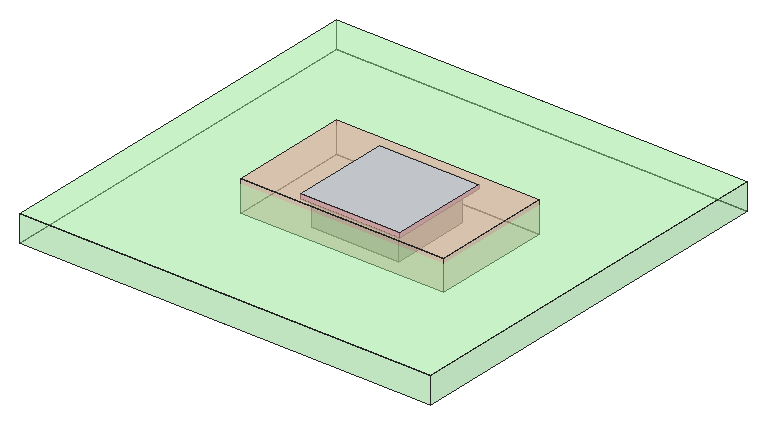
Revit family "BC_Hitachi_Cassette-RCI-FSR-1.0-6.0_LOD200", category Mechanical Equipment, host Face, Revit 2018
Family settings
  Host = Face
  Round Connector Dimension = Use Diameter
  Part Type = Normal
  OmniClass Number = 23.75.70.00
  OmniClass Title = HVAC Distribution Devices
  Cut with Voids When Loaded = No
  Shared = No
  Room Calculation Point = No
Parameters (values of type "RCI-2.0FSR")
  Usage Current = 5 A
  Uniformat code = "D3040"
  Uniformat = "Distribution Systems"
  Sound power at rated load = 55
  Service space = yes
  Refrigerant Type = "R410A / R32"
  Reference = "RCI-2.0FSR"
  Product Code = "70405303"
  Outlet Diameter = 32.00 mm
  OmniClass description = "Air Handling Units"
  OmniClass code = "23-33 25 00"
  Number of Poles = 1
  Name BIM&CO = "Indoor Unit"
  Masterformat Code = "23 73 00"
  MasterFormat = "Indoor Central-Station Air-Handling Units"
  Manufacturer Product Link = ""
  GTIN (Global Trade Item Number)  = ""
  Face Depth = 40.00 mm
  Overall width = 840.00 mm
  Overall height = 840.00 mm
  Overall depth = 248.00 mm
  Operation space [instance] = yes
  Nominal Voltage = 230 V
  Model = "Cassette 800 x 800 RCI FSR"
  Minimum Air Flow = 11000.0 L/min
  Minimum AC Voltage = 207 V
  Maximum Air Flow = 21000.0 L/min
  Maximum AC Voltage = 253 V
  Maximal Input Power = 0.09 kW
  Mass = 27.50 kg
  Face Height = 950.00 mm
  Liquid Diameter = 6.35 mm
  Facade Width = 950.00 mm
  Heating Capacity = 5.6 kW
  Gas Diameter = 12.70 mm
  Frequency = 50 Hz
  Fan motor input = 57 W
  Manufacturer = "Hitachi Air Conditioning Europe SAS"
  Default Elevation = 1219.20 mm
  Description = "Standard Cassette 800*800.Individual control setting for each louver. Suitable up to 4,2 m height under ceiling . Optional motion sensor"
  Cooling Capacity = 5 kW
  Type Comments = "RCI-2.0FSR"
  Color = "Neutral white (4.56Y8.85/0.38)"
  BC_VARIANT_ID = "508752"
  BC_OBJECT_VERSION = "#9"  # constant formula
  BC_OBJECT_ID = "209116"  # constant formula
  BC_MODEL_ID = ""  # constant formula
  Air Flow (HiH/Hi/Me/low) m3/min = "21 / 17 / 14 / 11"
  Acoustic Pressure Level Mini = 27
  Acoustic Pressure Level Maxi = 37
Types (8, lengths in mm): name | Sound power at rated load | Reference | Product Code | Overall depth | Minimum Air Flow | Maximum Air Flow | Maximal Input Power | Mass | Liquid Diameter | Heating Capacity | Gas Diameter | Fan motor input | Cooling Capacity | Type Comments | BC_VARIANT_ID | Air Flow (HiH/Hi/Me/low) m3/min | Acoustic Pressure Level Mini | Acoustic Pressure Level Maxi
  RCI-2.0FSR | 55 | "RCI-2.0FSR" | "70405303" | 248.00 | 11000.0 L/min | 21000.0 L/min | 0.09 kW | 27.50 kg | 6.35 | 5.6 kW | 12.70 | 57 W | 5 kW | "RCI-2.0FSR" | "508752" | "21 / 17 / 14 / 11" | 27 | 37
  RCI-2.5FSR | 56 | "RCI-2.5FSR" | "70405304" | 248.00 | 14000.0 L/min | 27000.0 L/min | 0.09 kW | 28.50 kg | 9.52 | 6.3 kW | 15.88 | 57 W | 5.6 kW | "RCI-2.5FSR" | "508747" | "27 / 23 / 18 / 14" | 28 | 42
  RCI-6.0FSR | 65 | "RCI-6.0FSR" | "70405309" | 298.00 | 22000.0 L/min | 37000.0 L/min | 0.21 kW | 32.50 kg | 9.52 | 16 kW | 15.88 | 127 W | 14 kW | "RCI-6.0FSR" | "508746" | "37 / 35 / 28 / 22" | 37 | 48
  RCI-5.0FSR | 64 | "RCI-5.0FSR" | "70405308" | 298.00 | 21000.0 L/min | 37000.0 L/min | 0.21 kW | 32.50 kg | 9.52 | 14 kW | 15.88 | 127 W | 12.5 kW | "RCI-5.0FSR" | "508750" | "37 / 33 / 26 / 21" | 35 | 48
  RCI-4.0FSR | 64 | "RCI-4.0FSR" | "70405307" | 298.00 | 20000.0 L/min | 37000.0 L/min | 0.21 kW | 32.50 kg | 9.52 | 11.2 kW | 15.88 | 127 W | 10 kW | "RCI-4.0FSR" | "508751" | "37 / 31 / 24 / 20" | 33 | 48
  RCI-3.0FSR | 57 | "RCI-3.0FSR" | "70405305" | 298.00 | 14000.0 L/min | 27000.0 L/min | 0.09 kW | 32.50 kg | 9.52 | 8 kW | 15.88 | 57 W | 7.1 kW | "RCI-3.0FSR" | "508748" | "27 / 23 / 18 / 14" | 28 | 42
  RCI-1.5FSR | 53 | "RCI-1.5FSR" | "70405302" | 248.00 | 11000.0 L/min | 21000.0 L/min | 0.09 kW | 27.50 kg | 6.35 | 4 kW | 12.70 | 57 W | 3.6 kW | "RCI-1.5FSR" | "508749" | "21 / 17 / 14 / 11" | 27 | 35
  RCI-1.0FSR | 52 | "RCI-1.0FSR" | "70405301" | 248.00 | 9000.0 L/min | 15000.0 L/min | 0.09 kW | 26.50 kg | 6.35 | 2.8 kW | 12.70 | 57 W | 2.5 kW | "RCI-1.0FSR" | "508745" | "15 / 13 / 11 / 9" | 27 | 33
Reference planes
  plane 1 "Centre (avant/arrière)": y = 0
  plane 2: z = 0
  plane 3 "Centre (gauche/droite)": x = 0
  plane 4 "AVANT": y = 420
  plane 5 "DROITE": x = 420
  plane 6 "GAUCHE": x = -420
  plane 7 "ARRIERE": y = -420
  plane 8: z = -248
  plane 9 "AVANT FACADE": y = 475
  plane 10 "ARRIER FACADE": y = -475
  plane 11 "GAUCHE FACADE": x = -475
  plane 12 "DROIT FACADE": x = 475
  plane 13 "Facade": z = 40
  plane 14 "Decalage": y = 336
  plane 15: x = -204.8
  plane 16: x = 280
  plane 17: x = -99.6
  plane 18 "A": x = -1975
  plane 19 "B": x = 1975
  plane 20: y = -1975
  plane 21: y = 1825
  plane 22 "L2": z = -258
  plane 23 "A Bis": x = -975
  plane 24 "B bis": x = 975
  plane 25: y = -575
  plane 26: y = 575
Forms (mm)
  Extrusion 1, solid
    sketch origin (0, 0, 0) x (1, 0, 0) y (0, 1, 0)
      loop
        line (-420, -420) -> (420, -420) -> (420, 336) -> (280, 420) -> (-99.6, 420) -> (-204.8, 336) -> (-420, 336) -> (-420, -420)
    from 0 to -248
  Extrusion 2, solid
    sketch origin (0, 0, 0) x (1, 0, 0) y (0, 1, 0)
      loop
        line (-475, 475) -> (-475, -475) -> (475, -475) -> (475, 475) -> (-475, 475)
    from 0 to 40
  Extrusion 3, solid
    sketch origin (0, 336, 0) x (-1, 0, 0) y (0, 0, 1)
      loop
        circle (380, -108) r 6.35
    from 0 to 76
  Extrusion 4, solid
    sketch origin (0, 336, 0) x (-1, 0, 0) y (0, 0, 1)
      loop
        circle (260, -91) r 3.175
    from 0 to 90
  Extrusion 5, solid
    sketch origin (0, 336, 0) x (-1, 0, 0) y (0, 0, 1)
      loop
        circle (-338, -64) r 16
    from 0 to 84
  Extrusion 6, solid, material "Operation space", visible <- "Operation space"
    sketch origin (0, 0, -258) x (-1, 0, 0) y (0, -1, 0)
      loop
        line (1975, -1825) -> (1975, 1975) -> (-1975, 1975) -> (-1975, -1825) -> (1975, -1825)
    from 0 to 258
  Extrusion 7, solid, material "Service space", visible <- "Service space"
    sketch origin (0, 0, -258) x (-1, 0, 0) y (0, -1, 0)
      loop
        line (975, -575) -> (975, 575) -> (-975, 575) -> (-975, -575) -> (975, -575)
    from 0 to 298
Lines and regions (mm)
  model lines, style "MechanicalEquipmentHiddenLines", visible <- "Operation space"
    curve 1: line (-1975, 1825, 0) -> (1975, 1825, 0)
    curve 2: line (-1975, -1975, 0) -> (-1975, 1825, 0)
    curve 3: line (1975, -1975, 0) -> (-1975, -1975, 0)
    curve 4: line (1975, 1825, 0) -> (1975, -1975, 0)
    curve 5: line (-1975, 1825, -258) -> (1975, 1825, -258)
    curve 6: line (-1975, -1975, -258) -> (-1975, 1825, -258)
    curve 7: line (1975, -1975, -258) -> (-1975, -1975, -258)
    curve 8: line (1975, 1825, -258) -> (1975, -1975, -258)
    curve 9: line (-1975, 1825, 0) -> (-1975, 1825, -258)
    curve 10: line (-1975, -1975, 0) -> (-1975, -1975, -258)
    curve 11: line (1975, 1825, 0) -> (1975, 1825, -258)
    curve 12: line (1975, -1975, 0) -> (1975, -1975, -258)
  model lines, style "MechanicalEquipmentHiddenLines", visible <- "Service space"
    curve 13: line (-975, 575, 40) -> (975, 575, 40)
    curve 14: line (-975, -575, 40) -> (-975, 575, 40)
    curve 15: line (975, -575, 40) -> (-975, -575, 40)
    curve 16: line (975, 575, 40) -> (975, -575, 40)
    curve 17: line (-975, 575, -258) -> (975, 575, -258)
    curve 18: line (-975, -575, -258) -> (-975, 575, -258)
    curve 19: line (975, -575, -258) -> (-975, -575, -258)
    curve 20: line (975, 575, -258) -> (975, -575, -258)
    curve 21: line (-975, -575, 40) -> (-975, -575, -258)
    curve 22: line (-975, 575, 40) -> (-975, 575, -258)
    curve 23: line (975, -575, 40) -> (975, -575, -258)
    curve 24: line (975, 575, 40) -> (975, 575, -258)
Dimensions and locks
  equal spacing: plane 6 "GAUCHE", plane 3 "Centre (gauche/droite)", plane 5 "DROITE"
  equal spacing: plane 7 "ARRIERE", plane 1 "Centre (avant/arrière)", plane 4 "AVANT"
  "Overall height": plane 6 "GAUCHE" to plane 5 "DROITE"
  "Overall width": plane 4 "AVANT" to plane 7 "ARRIERE"
  "Overall depth": plane 2 to plane 8
  equal spacing: plane 11 "GAUCHE FACADE", plane 3 "Centre (gauche/droite)", plane 12 "DROIT FACADE"
  equal spacing: plane 10 "ARRIER FACADE", plane 1 "Centre (avant/arrière)", plane 9 "AVANT FACADE"
  "Face Height": plane 11 "GAUCHE FACADE" to plane 12 "DROIT FACADE"
  "Facade Width": plane 10 "ARRIER FACADE" to plane 9 "AVANT FACADE"
  Extrusion 3 sketch curve to plane 8 = 140.00 mm
  plane 11 "GAUCHE FACADE" to Extrusion 3 sketch curve = 95.00 mm
  Extrusion 5 sketch curve to plane 8 = 184.00 mm
  "Face Depth": plane 13 "Facade" to plane 2
  plane 6 "GAUCHE" to Extrusion 4 sketch curve = 160.00 mm
  plane 6 "GAUCHE" to Extrusion 5 sketch curve = 758.00 mm
  Extrusion 4 sketch curve to plane 8 = 157.00 mm
  locked: plane 4 "AVANT" to plane 14 "Decalage" at 84
  equal spacing: plane 18 "A", plane 3 "Centre (gauche/droite)", plane 19 "B"
  plane 21 to plane 1 "Centre (avant/arrière)" to plane 20 = 1825.00 mm, 1975.00 mm
  plane 20 to plane 10 "ARRIER FACADE" = 1500.00 mm
  plane 12 "DROIT FACADE" to plane 19 "B" = 1500.00 mm
  locked: Extrusion 1 to plane 22 "L2" at 10
  equal spacing: plane 26, plane 1 "Centre (avant/arrière)", plane 25
  equal spacing: plane 23 "A Bis", plane 3 "Centre (gauche/droite)", plane 24 "B bis"
  plane 10 "ARRIER FACADE" to plane 25 = 100.00 mm
  plane 23 "A Bis" to plane 11 "GAUCHE FACADE" = 500.00 mm
  "Gas Diameter": diameter of Extrusion 3 sketch curve
  "Liquid Diameter": diameter of Extrusion 4 sketch curve
  "Outlet Diameter": diameter of Extrusion 5 sketch curve
  aligned and locked: plane 2 to host face
  aligned and locked: level to host face
  aligned and locked: plane 16 to Extrusion 1 sketch curve
  aligned and locked: curve 2 to plane 18 "A"
  aligned and locked: plane 20 to curve 3
  aligned and locked: curve 4 to plane 19 "B"
  aligned and locked: curve 13 to plane 26
  aligned and locked: curve 14 to plane 23 "A Bis"
  aligned and locked: plane 25 to curve 15
  aligned and locked: curve 16 to plane 24 "B bis"
  aligned and locked: Extrusion 6 sketch curve to curve 1
  aligned and locked: Extrusion 6 sketch curve to curve 2
  aligned and locked: Extrusion 6 sketch curve to curve 3
  aligned and locked: Extrusion 6 sketch curve to curve 4
  aligned and locked: Extrusion 6 to curve 3
  aligned and locked: Extrusion 7 sketch curve to curve 13
  aligned and locked: Extrusion 7 sketch curve to curve 14
  aligned and locked: Extrusion 7 sketch curve to curve 15
  aligned and locked: Extrusion 7 sketch curve to curve 16
  aligned and locked: Extrusion 7 to curve 15
Automatic sketch dimensions
  host sketch curve to host sketch curve = 2438.40 mm  (x2)
  plane 10 "ARRIER FACADE" to Extrusion 2 sketch curve = 0.00 mm
  Extrusion 2 sketch curve to plane 11 "GAUCHE FACADE" = 0.00 mm
  Extrusion 2 sketch curve to plane 12 "DROIT FACADE" = 0.00 mm
  Extrusion 2 sketch curve to plane 9 "AVANT FACADE" = 0.00 mm
  Extrusion 1 sketch curve to plane 6 "GAUCHE" = 0.00 mm
  Extrusion 1 sketch curve to plane 14 "Decalage" = 0.00 mm  (x2)
  Extrusion 1 sketch curve to plane 15 = 0.00 mm
  Extrusion 1 sketch curve to plane 17 = 0.00 mm
  Extrusion 1 sketch curve to plane 5 "DROITE" = 0.00 mm
  plane 7 "ARRIERE" to Extrusion 1 sketch curve = 0.00 mm
  Extrusion 1 sketch curve to plane 4 "AVANT" = 0.00 mm
  curve 2 to plane 21 = 0.00 mm
  curve 7 to plane 19 "B" = 0.00 mm
  curve 6 to plane 18 "A" = 0.00 mm
  curve 6 to plane 21 = 0.00 mm
  curve 8 to plane 20 = 0.00 mm
  curve 9 to plane 21 = 0.00 mm
  curve 10 to plane 20 = 0.00 mm
  curve 9 to plane 22 "L2" = 0.00 mm
  curve 10 to plane 22 "L2" = 0.00 mm
  curve 10 to level = 0.00 mm
  curve 9 to level = 0.00 mm
  curve 12 to level = 0.00 mm
  curve 12 to plane 20 = 0.00 mm
  curve 11 to plane 21 = 0.00 mm
  curve 11 to plane 22 "L2" = 0.00 mm
  curve 12 to plane 22 "L2" = 0.00 mm
  curve 11 to level = 0.00 mm
  curve 19 to plane 24 "B bis" = 0.00 mm
  curve 18 to plane 23 "A Bis" = 0.00 mm
  curve 18 to plane 26 = 0.00 mm
  curve 20 to plane 25 = 0.00 mm
  curve 22 to plane 13 "Facade" = 0.00 mm
  curve 22 to plane 26 = 0.00 mm
  curve 21 to plane 22 "L2" = 0.00 mm
  curve 21 to plane 25 = 0.00 mm
  curve 22 to plane 22 "L2" = 0.00 mm
  curve 21 to plane 13 "Facade" = 0.00 mm
  curve 23 to plane 22 "L2" = 0.00 mm
  curve 23 to plane 25 = 0.00 mm
  curve 24 to plane 22 "L2" = 0.00 mm
  curve 24 to plane 26 = 0.00 mm
  curve 24 to plane 13 "Facade" = 0.00 mm
  curve 23 to plane 13 "Facade" = 0.00 mm
Connectors
  piping at (-380, 412, -108), diameter 12.7, driven by "Gas Diameter"
    settings: on Extrusion 3, index 1, connector inside diameter 609.6 mm, connector length 0.00 mm, flow factor 0, pipe flow 0.0 L/s, pressure drop 0.0 Pa, fitting loss kfactor 0, connector angle 0.00°, fixture units 0, engagement length 0.00 mm, angle of deflection 0.00°, flow configuration 0, flow direction 0, fitting loss method 0, system type 29, joint type 0, gender type 0, connector reference index -1, connector utility 0, adjustable connector no, is connector primary yes, connector description ""
  piping at (-260, 426, -91), diameter 6.35, driven by "Liquid Diameter"
    settings: on Extrusion 4, index 2, connector inside diameter 609.6 mm, connector length 0.00 mm, flow factor 0, pipe flow 0.0 L/s, pressure drop 0.0 Pa, fitting loss kfactor 0, connector angle 0.00°, fixture units 0, engagement length 0.00 mm, angle of deflection 0.00°, flow configuration 0, flow direction 0, fitting loss method 0, system type 29, joint type 0, gender type 0, connector reference index -1, connector utility 0, adjustable connector no, is connector primary no, connector description ""
  piping at (338, 420, -64), diameter 32, driven by "Outlet Diameter"
    settings: on Extrusion 5, index 3, connector inside diameter 609.6 mm, connector length 0.00 mm, flow factor 0, pipe flow 0.0 L/s, pressure drop 0.0 Pa, fitting loss kfactor 0, connector angle 0.00°, fixture units 0, engagement length 0.00 mm, angle of deflection 0.00°, flow configuration 0, flow direction 2, fitting loss method 0, system type 16, joint type 0, gender type 0, connector reference index -1, connector utility 0, adjustable connector no, is connector primary no, connector description ""
  electrical at (-3.486, 144, -248), driven by "Nominal Voltage"
    settings: on Extrusion 1, index 4, voltage 230 V, apparent load 0 VA, apparent load phase1 0 VA, apparent load phase2 0 VA, apparent load phase3 0 VA, power factor 1, load classification "Autre", number of poles 1, system type 31, power factor state 1, is connector primary yes, connector utility no, sub classification motor no, connector description ""
